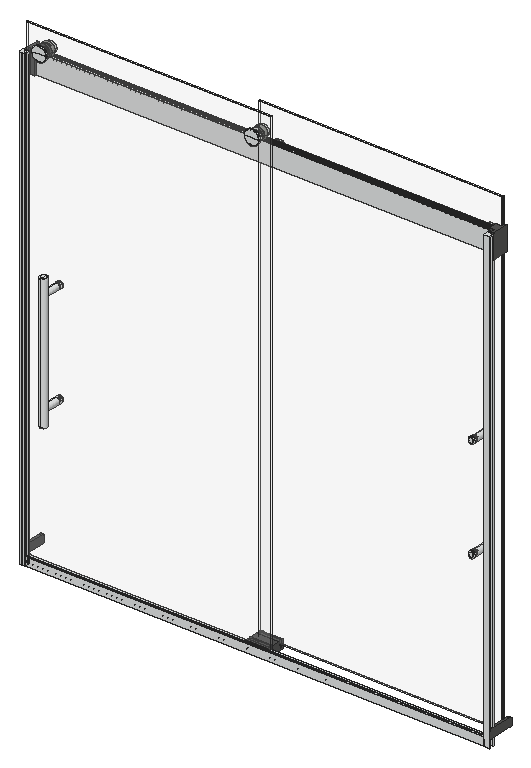
Revit family "Shower-Shower_Door-KOHLER-Levity_Plus-K-702419_1", category Specialty Equipment, host Face, Revit 2022
Family settings
  Host = Face
  Round Connector Dimension = Use Diameter
  Part Type = Normal
  OmniClass Number = 23.31.17.17
  OmniClass Title = Shower Enclosures
  Cut with Voids When Loaded = No
  Maintain Annotation Orientation = No
  Shared = No
  Room Calculation Point = No
Parameters (values of type "SHP-Bright Polished Silver")
  Width [instance] = Walk Thru + 199/256" + 31 81/256"  # 59.65281"
  WaterSense Certified = 1 = 0  # no
  Walk Thru [instance] = 27.55906"
  URL = "https://www.us.kohler.com/us/"
  Type = 1
  Product Page URL = "http://www.us.kohler.com/us/catalog/productDetails.jsp?productId=702419-L"
  Product Name = "Levity Plus"  # constant formula
  Product Documentation Link = "https://www.us.kohler.com/webassets/kpna/catalog/pdf/en/K-702419-L_spec_US-CA_Kohler_en.pdf"
  Model = if(Type = 1, "K-702419-L-SHP", if(Type = 2, "K-702419-L-BNK", if(Type = 3, "K-702419-L-BL", if(Type = 4, "K-702419-L-2MB", "NA"))))  # "K-702419-L-SHP"
  Material = "Premium Metal Construction"  # constant formula
  Master Format 2014 Name = "Shower Doors"  # constant formula
  Master Format 2014 = "10 28 19.16"  # constant formula
  Manufacturer Address = "444 Highland Dr, Kohler, WI 53044"  # constant formula
  Manufacturer = "KOHLER Co."  # constant formula
  Length = 6 119/128"  # constant formula
  Height = 61 147/256"  # constant formula
  Finish = Kohler-Metal-SHP-Bright_Polished_Silver
  Environmental Product Declaration = ""
  Description = "5/16 BATH DOOR 62 X 59 5/8 HANDLE"  # constant formula
  Default Elevation = 4"
  Declare Label = ""
  Date Modified = "03/11/2022"  # constant formula
  Date Created = "03/11/2022"  # constant formula
  Copyright = "Copyright KOHLER Co."  # constant formula
  Contact Us = "https://www.us.kohler.com/us/static/contact.jsp"
  Assembly Code = "C1030200"
  ADA Compliant = 1 = 0  # no
Reference planes (in)
  plane 1 "Center (Front/Back)": y = 0
  plane 2: z = 0
  plane 3 "Center (Left/Right)": x = 0
  plane 4: x = 27.55906
  plane 5: x = 28.3362
  plane 6: x = 27.99574
  plane 7: x = 26.01984
  plane 8: z = 61.57422
  plane 9: z = 58.11024
  plane 10: z = 55.55118
  plane 11: z = 58.7811
  plane 12: x = -1.99865
  plane 13: x = -28.99865
  plane 14: x = -27.24865
  plane 15: z = 34.72441
  plane 16: z = 17.71654
  plane 17: z = 19.6983
  plane 18: z = 32.6983
  plane 19: x = 24.26984
  plane 20: x = -31.3166
  plane 21: x = -0.98122
  plane 22: y = 4.34261
  plane 23: y = 4.34261
  plane 24: y = 3.91774
  plane 25: y = -0.5592
  plane 26: y = -2.58708
Dimensions and locks (in)
  "Walk Thru": plane 4 to plane 3 "Center (Left/Right)"
  "Width": plane 20 to plane 5
  locked: plane 6 to plane 5 at 0.34046
  locked: plane 4 to plane 5 at 0.77715
  locked: plane 7 to plane 5 at 2.31636
  locked: plane 19 to plane 5 at 4.06636
  plane 16 to level = 17.71654"
  plane 15 to plane 16 = 17.00787"
  "Height": plane 8 to level
  "Length": plane 23 to plane 26
  plane 10 to level = 55.55118"
  aligned and locked: plane 2 to host face
  aligned and locked: level to host face
  aligned and locked: plane 3 "Center (Left/Right)" to nested 1
  aligned and locked: plane 4 to nested 1
Automatic sketch dimensions
  host sketch curve to host sketch curve = 96"  (x2)
Nested families (in)
  nested 1: "K-702419" at (0, -0.5592, 0), type "K-702419"
Definition of nested family "K-702419"
  Parameters (values of type "K-702419")
    Width = Walk Thru + 0.77559" + 31.31496"  # 59.64961"
    Walk Thru = 27.55906"
    Material = none
    Default Elevation = 0"
  Reference planes (in)
    plane 1 "Center (Front/Back)": y = 0
    plane 2: z = 0
    plane 3 "Center (Left/Right)": x = 0
    plane 4: z = 61.5748
    plane 5: z = 17.71654
    plane 6: z = 34.72441
    plane 7: x = -31.3134
    plane 8: x = 27.55906
    plane 9: x = 28.3362
    plane 10 "E": x = 24.26984
    plane 11 "B": x = -27.24865
    plane 12: z = 55.55118
    plane 13: z = 58.11024
    plane 14 "A": z = 58.7811
    plane 15: x = -28.99865
    plane 16: x = -1.99865
    plane 17: y = -2.02733
    plane 18: y = 4.9018
    plane 19: z = 19.6983
    plane 20: z = 32.6983
    plane 21: y = -1.5837
    plane 22: y = 4.47693
    plane 23 "C": x = 26.01984
    plane 24 "X": z = 56.63127
    plane 25 "D": x = -0.98076
    plane 26: x = 27.99574
  Forms (in)
    Extrusion 1, solid
      sketch origin (0, 0, 0) x (1, 0, 0) y (0, 1, 0)
        loop
          line (-31.3134, 2.37158) -> (-31.3134, 0.38563)
          arc (-31.3134, 0.38563) -> (-31.30418, 0.36336) -> (-31.28191, 0.35413) r 0.0315
          line (-31.28191, 0.35413) -> (-31.02523, 0.35413)
          arc (-31.02523, 0.35413) -> (-31.00295, 0.36336) -> (-30.99373, 0.38563) r 0.0315
          line (-30.99373, 0.38563) -> (-30.99373, 0.85734)
          arc (-30.99373, 0.85734) -> (-30.9845, 0.87961) -> (-30.96223, 0.88884) r 0.0315
          line (-30.96223, 0.88884) -> (-30.36006, 0.88884)
          arc (-30.36006, 0.88884) -> (-30.33857, 0.89774) -> (-30.32966, 0.91923) r 0.03039
          line (-30.32966, 0.91923) -> (-30.32966, 2.02115) -> (-30.99701, 2.02858) -> (-30.99701, 2.37088)
          arc (-30.99701, 2.37088) -> (-31.00624, 2.39315) -> (-31.02851, 2.40237) r 0.0315
          line (-31.02851, 2.40237) -> (-31.28261, 2.40237)
          arc (-31.28261, 2.40237) -> (-31.30439, 2.39336) -> (-31.3134, 2.37158) r 0.03079
      from 55.35616 to 58.33005
    Extrusion 2, solid, material <- "Material", detail levels medium+fine
      sketch origin (0, 0, 0) x (1, 0, 0) y (0, 1, 0)
        loop
          line (-30.99165, 0.20982) -> (-30.99165, -0.20982) -> (-30.79705, -0.20982) -> (-30.79705, -0.27247) -> (-31.25589, -0.27247) -> (-31.25589, -0.30702) -> (-30.6559, -0.32797)
          arc (-30.6559, -0.32797) -> (-30.58047, -0.29901) -> (-30.5489, -0.22464) r 0.10339
          line (-30.5489, -0.22464) -> (-30.5489, 0.22464)
          arc (-30.5489, 0.22464) -> (-30.58047, 0.29901) -> (-30.6559, 0.32797) r 0.10339
          line (-30.6559, 0.32797) -> (-31.25589, 0.30702) -> (-31.25589, 0.27247) -> (-30.79705, 0.27247) -> (-30.79705, 0.20982) -> (-30.99165, 0.20982)
        loop
          line (-31.3134, 0.20982) -> (-31.12433, 0.20982) -> (-31.12433, 0) -> (-31.12433, -0.20982) -> (-31.3134, -0.20982) -> (-31.3134, -0.25253) -> (-31.08302, -0.25253) -> (-31.08302, 0) -> (-31.08302, 0.25253) -> (-31.3134, 0.25253) -> (-31.3134, 0.20982)
      from 0.08036 to 58.29324
    Extrusion 3, solid, material <- "Material", detail levels medium+fine
      sketch origin (0, 0, 0) x (1, 0, 0) y (0, 1, 0)
        loop
          line (-30.6559, 0.32797) -> (-31.25589, 0.30702) -> (-31.25589, 0.25253) -> (-31.3134, 0.25253) -> (-31.3134, -0.25253) -> (-31.25589, -0.25253) -> (-31.25589, -0.30702) -> (-30.6559, -0.32797)
          arc (-30.6559, -0.32797) -> (-30.58047, -0.29901) -> (-30.5489, -0.22464) r 0.10339
          line (-30.5489, -0.22464) -> (-30.5489, 0.22464)
          arc (-30.5489, 0.22464) -> (-30.58047, 0.29901) -> (-30.6559, 0.32797) r 0.10339
      from 58.36655 to 58.29324
    Extrusion 4, solid
      sketch origin (0, 0, 0) x (0, 1, 0) y (0, 0, 1)
        loop
          line (2.917, 2.13263) -> (-0.20982, 2.13263) -> (-0.20982, 1.05663) -> (2.93672, 1.05663)
          arc (2.93672, 1.05663) -> (3.10579, 1.12666) -> (3.17581, 1.29573) r 0.23909
          line (3.17581, 1.29573) -> (3.17581, 1.87382)
          arc (3.17581, 1.87382) -> (3.10001, 2.05683) -> (2.917, 2.13263) r 0.25882
      from -30.99165 to -31.3134
    Extrusion 5, solid, material <- "Material"
      sketch origin (0, 0, 0) x (0, 1, 0) y (0, 0, 1)
        loop
          arc (0, 0.33997) -> (0.03474, 0.38326) -> (0.08453, 0.35871) r 0.04434
          line (0.08453, 0.35871) -> (0.11423, 0.29502)
          arc (0.11423, 0.29502) -> (0.14686, 0.27839) -> (0.17089, 0.30603) r 0.02975
          line (0.17089, 0.30603) -> (0.20017, 0.86474)
          arc (0.20017, 0.86474) -> (0.19197, 0.88698) -> (0.17019, 0.89634) r 0.03002
          line (0.17019, 0.89634) -> (0.02343, 0.89634)
          arc (0.02343, 0.89634) -> (-0.02199, 0.94176) -> (0.02343, 0.98718) r 0.04542
          line (0.02343, 0.98718) -> (0.19567, 0.98718)
          arc (0.19567, 0.98718) -> (0.19347, 1.02749) -> (0.15814, 1.04703) r 0.04169
          line (0.15814, 1.04703) -> (-0.19878, 1.04703) -> (-0.19878, 0) -> (0.49474, 0) -> (0.49474, 0.07959) -> (0.14319, 0.07959)
          arc (0.14319, 0.07959) -> (0.04194, 0.12153) -> (0, 0.22278) r 0.14319
          line (0, 0.22278) -> (0, 0.33997)
        loop
          line (0.53901, 0.96058) -> (0.10163, 0.96058)
          arc (0.10163, 0.96058) -> (0.08163, 0.94058) -> (0.10163, 0.92059) r 0.01999
          line (0.10163, 0.92059) -> (0.53901, 0.92059)
          arc (0.53901, 0.92059) -> (0.559, 0.94058) -> (0.53901, 0.96058) r 0.01999
      from -30.99165 to 27.55906
    Revolve 6, solid, material <- "Material", detail levels medium+fine
      sketch origin (27, 0, 58.7811) x (0, -1, 0) y (1, 0, 0)
        loop
          line (0.14044, -28.99865) -> (-1.79905, -28.99865) -> (-1.79905, -29.69269) -> (-1.43263, -29.69269) -> (-1.43263, -29.74488)
          arc (-1.43263, -29.74488) -> (-1.24562, -29.80339) -> (-1.05861, -29.74488) r 0.32812
          line (-1.05861, -29.74488) -> (-1.05861, -29.53477) -> (-0.92215, -29.53477) -> (-0.92215, -29.73162) -> (-0.7253, -29.73162) -> (-0.7253, -29.46245) -> (-0.36761, -29.46245) -> (-0.36761, -29.6593) -> (-0.06827, -29.6593) -> (-0.06827, -29.89414) -> (-0.02811, -29.93431) -> (0.09751, -29.93431) -> (0.14044, -29.89138) -> (0.14044, -28.99865)
        axis (0.14044, -28.99865) -> (-1.79905, -28.99865)
      angle from 0 to 360
    Revolve 7, solid, material <- "Material", detail levels medium+fine
      sketch origin (0, 0, 58.7811) x (0, -1, 0) y (1, 0, 0)
        loop
          line (0.14044, -28.99865) -> (-1.79905, -28.99865) -> (-1.79905, -29.69269) -> (-1.43263, -29.69269) -> (-1.43263, -29.74488)
          arc (-1.43263, -29.74488) -> (-1.24562, -29.80339) -> (-1.05861, -29.74488) r 0.32812
          line (-1.05861, -29.74488) -> (-1.05861, -29.53477) -> (-0.92215, -29.53477) -> (-0.92215, -29.73162) -> (-0.7253, -29.73162) -> (-0.7253, -29.46245) -> (-0.36761, -29.46245) -> (-0.36761, -29.6593) -> (-0.06827, -29.6593) -> (-0.06827, -29.89414) -> (-0.02811, -29.93431) -> (0.09751, -29.93431) -> (0.14044, -29.89138) -> (0.14044, -28.99865)
        axis (0.14044, -28.99865) -> (-1.79905, -28.99865)
      angle from 0 to 360
    Extrusion 8, solid, material <- "Material", detail levels medium+fine
      sketch origin (0, 0, 0) x (0, 1, 0) y (0, 0, 1)
        loop
          line (0.97838, 58.11024) -> (0.97838, 55.55118) -> (1.85747, 55.55118)
          arc (1.85747, 55.55118) -> (1.9, 55.5688) -> (1.91761, 55.61132) r 0.06014
          line (1.91761, 55.61132) -> (1.91761, 55.8826)
          arc (1.91761, 55.8826) -> (1.89894, 55.93897) -> (1.85029, 55.97303) r 0.0944
          line (1.85029, 55.97303) -> (1.85029, 55.89596) -> (1.65621, 55.79963) -> (1.38912, 55.92464) -> (1.38912, 57.53182)
          arc (1.38912, 57.53182) -> (1.41101, 57.58465) -> (1.46384, 57.60654) r 0.07472
          line (1.46384, 57.60654) -> (1.84605, 57.60654) -> (1.84605, 57.43287) -> (1.8957, 57.43287)
          arc (1.8957, 57.43287) -> (1.91735, 57.44184) -> (1.92632, 57.46349) r 0.03062
          line (1.92632, 57.46349) -> (1.92632, 58.05604)
          arc (1.92632, 58.05604) -> (1.91044, 58.09436) -> (1.87212, 58.11024) r 0.0542
          line (1.87212, 58.11024) -> (1.69975, 58.11024) -> (1.69975, 58.0262) -> (1.81407, 58.0262)
          arc (1.81407, 58.0262) -> (1.84489, 58.01343) -> (1.85765, 57.98261) r 0.04358
          line (1.85765, 57.98261) -> (1.85765, 57.82935) -> (1.31287, 57.82935) -> (1.31287, 57.89797) -> (1.44737, 57.95785) -> (1.44737, 58.00188)
          arc (1.44737, 58.00188) -> (1.43926, 58.01681) -> (1.42231, 58.01815) r 0.01781
          line (1.42231, 58.01815) -> (1.24538, 57.93937) -> (1.04592, 58.02818) -> (1.04592, 58.09041)
          arc (1.04592, 58.09041) -> (1.04011, 58.10443) -> (1.02609, 58.11024) r 0.01983
          line (1.02609, 58.11024) -> (0.97838, 58.11024)
      from -30.58824 to 27.55906
    Extrusion 9, solid
      sketch origin (0, 0, 58.7811) x (0, -1, 0) y (1, 0, 0)
        loop
          line (-0.7253, -0.06152) -> (-0.7253, -30.93579)
          arc (-0.7253, -30.93579) -> (-0.5693, -30.99187) -> (-0.4133, -30.93579) r 0.24502
          line (-0.4133, -30.93579) -> (-0.4133, -0.06152)
          arc (-0.4133, -0.06152) -> (-0.5693, 0.00135) -> (-0.7253, -0.06152) r 0.225
      from 2.7937 to -58.06096
    Extrusion 10, solid
      sketch origin (0, 0, 0) x (0, 1, 0) y (0, 0, 1)
        loop
          line (2.79395, 0) -> (2.73913, 1.04611)
          arc (2.73913, 1.04611) -> (2.73201, 1.06155) -> (2.71622, 1.06785) r 0.02294
          line (2.71622, 1.06785) -> (2.58256, 1.06785)
          arc (2.58256, 1.06785) -> (2.56781, 1.06181) -> (2.56152, 1.04717) r 0.02105
          line (2.56152, 1.04717) -> (2.54725, 0.22974)
          arc (2.54725, 0.22974) -> (2.52045, 0.16735) -> (2.45761, 0.14164) r 0.08966
          line (2.45761, 0.14164) -> (2.27292, 0.14164)
          arc (2.27292, 0.14164) -> (2.21358, 0.16532) -> (2.18684, 0.22333) r 0.0862
          line (2.18684, 0.22333) -> (2.14487, 1.02412)
          arc (2.14487, 1.02412) -> (2.13055, 1.05518) -> (2.09879, 1.06785) r 0.04614
          line (2.09879, 1.06785) -> (1.06637, 1.06785)
          arc (1.06637, 1.06785) -> (1.03461, 1.05518) -> (1.02029, 1.02412) r 0.04614
          line (1.02029, 1.02412) -> (0.97833, 0.22333)
          arc (0.97833, 0.22333) -> (0.95158, 0.16532) -> (0.89225, 0.14164) r 0.0862
          line (0.89225, 0.14164) -> (0.70755, 0.14164)
          arc (0.70755, 0.14164) -> (0.64471, 0.16735) -> (0.61791, 0.22974) r 0.08966
          line (0.61791, 0.22974) -> (0.60364, 1.04717)
          arc (0.60364, 1.04717) -> (0.59735, 1.06181) -> (0.5826, 1.06785) r 0.02105
          line (0.5826, 1.06785) -> (0.30693, 1.06785) -> (0.30693, 0.16201) -> (0.47604, 0.16201)
          arc (0.47604, 0.16201) -> (0.50033, 0.15195) -> (0.51039, 0.12766) r 0.03435
          line (0.51039, 0.12766) -> (0.51039, 0.08994)
          arc (0.51039, 0.08994) -> (0.52098, 0.06032) -> (0.54793, 0.04411) r 0.04675
          arc (0.54793, 0.04411) -> (0.76846, 0.01105) -> (0.99117, 0) r 2.24921
          line (0.99117, 0) -> (2.79395, 0)
      from -3.12027 to -0.34077
    Revolve 11, solid, material <- "Material"
      sketch origin (-27.24865, 0, -13) x (0, 1, 0) y (0, 0, 1)
        loop
          line (0.4133, 33.0733) -> (-1.4097, 33.0733) -> (-1.4097, 32.6983) -> (1.02083, 32.6983) -> (1.02083, 33.06515)
          arc (1.02083, 33.06515) -> (1.01123, 33.08831) -> (0.98807, 33.0979) r 0.03275
          line (0.98807, 33.0979) -> (0.79735, 33.0979)
          arc (0.79735, 33.0979) -> (0.7725, 33.08761) -> (0.76221, 33.06276) r 0.03514
          line (0.76221, 33.06276) -> (0.76221, 32.9483) -> (0.4133, 32.9483) -> (0.4133, 33.0733)
        axis (1.02083, 32.6983) -> (-1.4097, 32.6983)
      angle from 0 to 360
    Revolve 12, solid, material <- "Material", detail levels medium+fine
      sketch origin (-27.24865, 0, 0) x (0, 1, 0) y (0, 0, 1)
        loop
          line (-1.5837, 34.72441) -> (-1.9722, 34.72441) -> (-2.02733, 34.66927) -> (-2.02733, 17.76647) -> (-1.9774, 17.71654) -> (-1.5837, 17.71654) -> (-1.5837, 34.72441)
        axis (-1.5837, 17.71654) -> (-1.5837, 34.72441)
      angle from 0 to 360
    Revolve 13, solid, material <- "Material"
      sketch origin (-0.98076, 0, 0) x (0, 0, -1) y (0, -1, 0)
        loop
          line (-57.57086, -2.99093) -> (-57.53008, -3.03171) -> (-56.63127, -3.03171) -> (-56.63127, -1.91129) -> (-57.36736, -1.91129) -> (-57.36736, -2.16793) -> (-57.23745, -2.16793) -> (-57.23745, -2.52933) -> (-57.29546, -2.52933) -> (-57.29546, -2.82297) -> (-57.52921, -2.82297) -> (-57.57086, -2.86461) -> (-57.57086, -2.99093)
        axis (-56.63127, -1.91129) -> (-56.63127, -3.03171)
      angle from 0 to 360
    Revolve 14, solid, material <- "Material"
      sketch origin (26.01984, 0, 0) x (0, 0, -1) y (0, -1, 0)
        loop
          line (-57.57086, -2.99093) -> (-57.53008, -3.03171) -> (-56.63127, -3.03171) -> (-56.63127, -1.91129) -> (-57.36736, -1.91129) -> (-57.36736, -2.16793) -> (-57.23745, -2.16793) -> (-57.23745, -2.52933) -> (-57.29546, -2.52933) -> (-57.29546, -2.82297) -> (-57.52921, -2.82297) -> (-57.57086, -2.86461) -> (-57.57086, -2.99093)
        axis (-56.63127, -1.91129) -> (-56.63127, -3.03171)
      angle from 0 to 360
    Revolve 15, solid, material <- "Material", detail levels medium+fine
      sketch origin (24.26984, -0.02461, 0) x (0, 0, 1) y (0, -1, 0)
        loop
          line (33.0733, -2.50574) -> (32.9483, -2.50574) -> (32.9483, -2.15684) -> (33.06276, -2.15684)
          arc (33.06276, -2.15684) -> (33.08761, -2.14654) -> (33.0979, -2.1217) r 0.03514
          line (33.0979, -2.1217) -> (33.0979, -1.93098)
          arc (33.0979, -1.93098) -> (33.08831, -1.90781) -> (33.06515, -1.89822) r 0.03275
          line (33.06515, -1.89822) -> (32.6983, -1.89822) -> (32.6983, -4.50988) -> (33.0733, -4.50988) -> (33.0733, -2.50574)
        axis (32.6983, -1.89822) -> (32.6983, -4.50988)
      angle from 0 to 360
    Revolve 16, solid, material <- "Material", detail levels medium+fine
      sketch origin (24.26984, -0.02461, -13) x (0, 0, 1) y (0, -1, 0)
        loop
          line (33.0733, -2.50454) -> (32.9483, -2.50454) -> (32.9483, -2.15684) -> (33.06276, -2.15684)
          arc (33.06276, -2.15684) -> (33.08761, -2.14654) -> (33.0979, -2.1217) r 0.03514
          line (33.0979, -2.1217) -> (33.0979, -1.93098)
          arc (33.0979, -1.93098) -> (33.08831, -1.90781) -> (33.06515, -1.89822) r 0.03275
          line (33.06515, -1.89822) -> (32.6983, -1.89822) -> (32.6983, -4.50988) -> (33.0733, -4.50988) -> (33.0733, -2.50454)
        axis (32.6983, -1.89822) -> (32.6983, -4.50988)
      angle from 0 to 360
    Revolve 17, solid, material <- "Material", detail levels medium+fine
      sketch origin (24.26984, 0, 0) x (0, 0, 1) y (0, -1, 0)
        loop
          line (34.72441, -4.47693) -> (17.71654, -4.47693) -> (17.71654, -4.87063) -> (17.7477, -4.9018) -> (34.68804, -4.9018) -> (34.72441, -4.86543) -> (34.72441, -4.47693)
        axis (17.71654, -4.47693) -> (34.72441, -4.47693)
      angle from 0 to 360
    Extrusion 18, solid
      sketch origin (0, 0, 58.7811) x (0, -1, 0) y (1, 0, 0)
        loop
          line (-2.40428, 28.3362) -> (-2.40428, 28.13475)
          arc (-2.40428, 28.13475) -> (-2.37444, 28.06271) -> (-2.30241, 28.03287) r 0.10187
          line (-2.30241, 28.03287) -> (-2.09932, 28.03287)
          arc (-2.09932, 28.03287) -> (-2.03657, 28.00688) -> (-2.01058, 27.94413) r 0.08874
          line (-2.01058, 27.94413) -> (-2.01058, 27.40796)
          arc (-2.01058, 27.40796) -> (-1.99255, 27.36441) -> (-1.949, 27.34638) r 0.06158
          line (-1.949, 27.34638) -> (-0.96774, 27.34638)
          arc (-0.96774, 27.34638) -> (-0.9202, 27.36607) -> (-0.90051, 27.41361) r 0.06723
          line (-0.90051, 27.41361) -> (-0.90051, 27.92353)
          arc (-0.90051, 27.92353) -> (-0.8829, 27.96605) -> (-0.84038, 27.98366) r 0.06013
          line (-0.84038, 27.98366) -> (-0.37453, 27.98366)
          arc (-0.37453, 27.98366) -> (-0.34132, 27.99741) -> (-0.32756, 28.03062) r 0.04697
          line (-0.32756, 28.03062) -> (-0.32756, 28.3362) -> (-2.40428, 28.3362)
      from -0.4295 to -3.42639
    Extrusion 19, solid
      sketch origin (0, 0, 0) x (0, 1, 0) y (0, 0, -1)
        loop
          arc (2.917, -2.13263) -> (3.10001, -2.05683) -> (3.17581, -1.87382) r 0.25882
          line (3.17581, -1.87382) -> (3.17581, -1.29573)
          arc (3.17581, -1.29573) -> (3.10579, -1.12666) -> (2.93672, -1.05663) r 0.23909
          line (2.93672, -1.05663) -> (-0.23901, -1.05663) -> (-0.23901, -2.13263) -> (2.917, -2.13263)
      from -27.99574 to -28.3362
    Extrusion 20, solid, material <- "Material"
      sketch origin (0, 0, 58.7811) x (0, -1, 0) y (1, 0, 0)
        loop
          line (-0.32756, 27.55906) -> (0.31775, 27.55906) -> (0.31775, 28.3362) -> (0.23901, 28.3362) -> (0.23901, 27.6378) -> (-0.24882, 27.6378) -> (-0.24882, 28.3362) -> (-0.32756, 28.3362) -> (-0.32756, 27.55906)
      from -58.70152 to -0.5382
    Extrusion 21, solid, material <- "Material"
      sketch origin (0, 0, 0) x (1, 0, 0) y (0, 1, 0)
        loop
          line (28.3362, 0.32756) -> (27.55906, 0.32756) -> (27.55906, -0.31775) -> (28.3362, -0.31775) -> (28.3362, 0.32756)
      from 58.2429 to 58.11024
    Extrusion 22, solid
      sketch origin (0, 0, 58.7811) x (0, -1, 0) y (1, 0, 0)
        loop
          arc (-2.47993, -2.9173) -> (-2.32393, -2.98016) -> (-2.16793, -2.9173) r 0.225
          line (-2.16793, -2.9173) -> (-2.16793, 27.9485)
          arc (-2.16793, 27.9485) -> (-2.18177, 27.9819) -> (-2.21518, 27.99574) r 0.04724
          line (-2.21518, 27.99574) -> (-2.43259, 27.99574)
          arc (-2.43259, 27.99574) -> (-2.46607, 27.98187) -> (-2.47993, 27.94839) r 0.04735
          line (-2.47993, 27.94839) -> (-2.47993, -2.9173)
      from -58.07652 to 2.7937
    Revolve 23, solid, material <- "Material"
      sketch origin (-27.24865, 0, 0) x (0, 1, 0) y (0, 0, 1)
        loop
          line (0.4133, 33.0733) -> (-1.4097, 33.0733) -> (-1.4097, 32.6983) -> (1.02083, 32.6983) -> (1.02083, 33.06515)
          arc (1.02083, 33.06515) -> (1.01123, 33.08831) -> (0.98807, 33.0979) r 0.03275
          line (0.98807, 33.0979) -> (0.79735, 33.0979)
          arc (0.79735, 33.0979) -> (0.7725, 33.08761) -> (0.76221, 33.06276) r 0.03514
          line (0.76221, 33.06276) -> (0.76221, 32.9483) -> (0.4133, 32.9483) -> (0.4133, 33.0733)
        axis (1.02083, 32.6983) -> (-1.4097, 32.6983)
      angle from 0 to 360
    Extrusion 24, solid, material <- "Material", detail levels coarse
      sketch origin (0, 0, 58.7811) x (0, -1, 0) y (1, 0, 0)
        loop
          line (-0.32797, -30.5489) -> (-0.32797, -31.3134) -> (0.32797, -31.3134) -> (0.32797, -30.5489) -> (-0.32797, -30.5489)
      from -58.7811 to -0.45105
    Revolve 25, solid, material <- "Material", detail levels coarse
      sketch origin (0, 0, 58.7811) x (0, -1, 0) y (1, 0, 0)
        loop
          line (0.14044, -28.99865) -> (-1.79905, -28.99865) -> (-1.79905, -29.69269) -> (-1.43263, -29.69269) -> (-1.43263, -29.74488) -> (-1.05861, -29.74488) -> (-1.05861, -29.53477) -> (-0.92215, -29.53477) -> (-0.92215, -29.73162) -> (-0.7253, -29.73162) -> (-0.7253, -29.6593) -> (-0.06827, -29.6593) -> (-0.06827, -29.93431) -> (0.14044, -29.93431) -> (0.14044, -28.99865)
        axis (-1.79905, -28.99865) -> (0.14044, -28.99865)
      angle from 0 to 360
    Revolve 26, solid, material <- "Material", detail levels coarse
      sketch origin (27, 0, 58.7811) x (0, -1, 0) y (1, 0, 0)
        loop
          line (0.14044, -28.99865) -> (-1.79905, -28.99865) -> (-1.79905, -29.69269) -> (-1.43263, -29.69269) -> (-1.43263, -29.74488) -> (-1.05861, -29.74488) -> (-1.05861, -29.53477) -> (-0.92215, -29.53477) -> (-0.92215, -29.73162) -> (-0.7253, -29.73162) -> (-0.7253, -29.6593) -> (-0.06827, -29.6593) -> (-0.06827, -29.93431) -> (0.14044, -29.93431) -> (0.14044, -28.99865)
        axis (-1.79905, -28.99865) -> (0.14044, -28.99865)
      angle from 0 to 360
    Extrusion 27, solid, material <- "Material", detail levels coarse
      sketch origin (0, 0, 0) x (1, 0, 0) y (0, 0, 1)
        loop
          circle (-27.24865, 32.6983) r 0.3937
        loop
          circle (-27.24865, 19.6983) r 0.3937
      from -1.02039 to 1.5837
    Extrusion 28, solid, material <- "Material", detail levels coarse
      sketch origin (0, 0, 58.7811) x (0, -1, 0) y (1, 0, 0)
        loop
          circle (1.5837, -27.24865) r 0.44363
      from -24.05669 to -41.06457
    Revolve 29, solid, material <- "Material", detail levels coarse
      sketch origin (24.26984, 0, 0) x (0, 0, 1) y (0, -1, 0)
        loop
          line (32.6983, -1.87284) -> (32.6983, -4.47693) -> (33.0733, -4.47693) -> (33.0733, -1.87284) -> (32.6983, -1.87284)
        axis (32.6983, -1.87284) -> (32.6983, -4.47693)
      angle from 0 to 360
    Revolve 30, solid, material <- "Material", detail levels coarse
      sketch origin (24.26984, 0, 0) x (0, 0, 1) y (0, -1, 0)
        loop
          line (19.6983, -1.87284) -> (19.6983, -4.47693) -> (20.0733, -4.47693) -> (20.0733, -1.87284) -> (19.6983, -1.87284)
        axis (19.6983, -1.87284) -> (19.6983, -4.47693)
      angle from 0 to 360
    Extrusion 31, solid, material <- "Material", detail levels coarse
      sketch origin (0, 0, 0) x (0, 1, 0) y (0, 0, 1)
        loop
          line (0.97838, 58.11024) -> (0.97838, 55.55118) -> (1.92632, 55.55118) -> (1.92632, 58.11024) -> (0.97838, 58.11024)
      from -30.5489 to 27.55906
    Revolve 32, solid, material <- "Material", detail levels coarse
      sketch origin (24.26984, 0, 0) x (0, 0, 1) y (0, -1, 0)
        loop
          line (34.72441, -4.9018) -> (34.72441, -4.47693) -> (17.71654, -4.47693) -> (17.71654, -4.9018) -> (34.72441, -4.9018)
        axis (17.71654, -4.47693) -> (34.72441, -4.47693)
      angle from 0 to 360
  Cuts and joins
    joined: Extrusion 2, Extrusion 3
    joined: Extrusion 20, Extrusion 21
  Lines and regions (in)
    Masking region 1
      outline origin (26.01984, 0, 0) x (0, 0, -1) y (0, -1, 0)
        loop
          line (-61.5748, -0.4133) -> (-61.5748, -0.7253) -> (-59.51407, -0.7253) -> (-59.51407, -0.92215) -> (-59.31722, -0.92215) -> (-59.31722, -1.05861) -> (-59.52733, -1.05861)
          arc (-59.52733, -1.05861) -> (-59.58927, -1.24562) -> (-59.52733, -1.43263) r 0.31327
          line (-59.52733, -1.43263) -> (-59.47514, -1.43263) -> (-59.47514, -1.79905) -> (-58.33005, -1.79905) -> (-58.33005, -2.16793) -> (-61.5748, -2.16793) -> (-61.5748, -2.47993) -> (-57.2375, -2.47993) -> (-57.2375, -2.52933) -> (-57.29546, -2.52933) -> (-57.29546, -2.82297) -> (-57.52921, -2.82297) -> (-57.57086, -2.86461) -> (-57.57086, -2.99093) -> (-57.53008, -3.03171) -> (-55.73246, -3.03171) -> (-55.69168, -2.99093) -> (-55.69168, -2.86461) -> (-55.73333, -2.82297) -> (-55.96708, -2.82297) -> (-55.96708, -2.52933) -> (-56.02504, -2.52933) -> (-56.02504, -2.47993) -> (-33.0733, -2.47993) -> (-33.0733, -4.05206) -> (-34.68804, -4.05206) -> (-34.72441, -4.08843) -> (-34.72441, -4.86543) -> (-34.68804, -4.9018) -> (-17.7477, -4.9018) -> (-17.71654, -4.87063) -> (-17.71654, -4.08323) -> (-17.7477, -4.05206) -> (-19.3233, -4.05206) -> (-19.3233, -2.47993) -> (-2.13263, -2.47993) -> (-2.13263, -2.917)
          arc (-2.13263, -2.917) -> (-2.05683, -3.10001) -> (-1.87382, -3.17581) r 0.25882
          line (-1.87382, -3.17581) -> (-1.29573, -3.17581)
          arc (-1.29573, -3.17581) -> (-1.12666, -3.10579) -> (-1.05663, -2.93672) r 0.23909
          line (-1.05663, -2.93672) -> (-1.05663, -2.73858) -> (0, -2.79395) -> (0, -0.99117)
          arc (0, -0.99117) -> (-0.01105, -0.76846) -> (-0.04411, -0.54793) r 2.24921
          arc (-0.04411, -0.54793) -> (-0.06032, -0.52098) -> (-0.08994, -0.51039) r 0.04675
          line (-0.08994, -0.51039) -> (-0.12766, -0.51039)
          arc (-0.12766, -0.51039) -> (-0.15195, -0.50033) -> (-0.16201, -0.47604) r 0.03435
          line (-0.16201, -0.47604) -> (-0.16201, -0.32756) -> (-0.07959, -0.32756) -> (-0.07959, -0.49474) -> (0, -0.49474) -> (0, 0.19878) -> (-0.08036, 0.19878) -> (-0.08036, 0.32803) -> (-19.3233, 0.32803) -> (-19.3233, 1.14006) -> (-17.76647, 1.14006) -> (-17.71654, 1.19) -> (-17.71654, 1.9774) -> (-17.76647, 2.02733) -> (-34.66927, 2.02733) -> (-34.72441, 1.9722) -> (-34.72441, 1.1952) -> (-34.66927, 1.14006) -> (-33.0733, 1.14006) -> (-33.0733, 0.32803) -> (-58.36655, 0.32803) -> (-58.36655, 0.14044) -> (-59.67383, 0.14044) -> (-59.7168, 0.09747) -> (-59.7168, -0.02728) -> (-59.67581, -0.06827) -> (-59.44175, -0.06827) -> (-59.44175, -0.36761) -> (-59.2449, -0.36761) -> (-59.2449, -0.4133) -> (-61.5748, -0.4133)
        loop
          line (-1.05663, -0.7253) -> (-1.05663, -1.03622)
          arc (-1.05663, -1.03622) -> (-1.04201, -1.02494) -> (-1.02412, -1.02029) r 0.04614
          line (-1.02412, -1.02029) -> (-0.22333, -0.97833)
          arc (-0.22333, -0.97833) -> (-0.16532, -0.95158) -> (-0.14164, -0.89225) r 0.0862
          line (-0.14164, -0.89225) -> (-0.14164, -0.70755)
          arc (-0.14164, -0.70755) -> (-0.16735, -0.64471) -> (-0.22974, -0.61791) r 0.08966
          line (-0.22974, -0.61791) -> (-0.72015, -0.60935) -> (-0.72015, -0.7253) -> (-1.05663, -0.7253)
        loop
          line (-20.0733, 0.32803) -> (-20.0733, 1.14006) -> (-32.3233, 1.14006) -> (-32.3233, 0.32803) -> (-20.0733, 0.32803)
        loop
          arc (-0.22974, -2.54725) -> (-0.16735, -2.52045) -> (-0.14164, -2.45761) r 0.08966
          line (-0.14164, -2.45761) -> (-0.14164, -2.27292)
          arc (-0.14164, -2.27292) -> (-0.16532, -2.21358) -> (-0.22333, -2.18684) r 0.0862
          line (-0.22333, -2.18684) -> (-0.70459, -2.16162) -> (-0.70459, -2.47993) -> (-1.05663, -2.47993) -> (-1.05663, -2.56169) -> (-0.22974, -2.54725)
        loop
          line (-2.13263, -0.7253) -> (-19.4488, -0.7253) -> (-19.4488, -0.76221) -> (-19.33322, -0.76221)
          arc (-19.33322, -0.76221) -> (-19.30919, -0.77217) -> (-19.29923, -0.7962) r 0.03399
          line (-19.29923, -0.7962) -> (-19.29923, -0.98906)
          arc (-19.29923, -0.98906) -> (-19.30841, -1.01121) -> (-19.33056, -1.02039) r 0.03133
          line (-19.33056, -1.02039) -> (-19.6983, -1.02039) -> (-20.06604, -1.02039)
          arc (-20.06604, -1.02039) -> (-20.08819, -1.01121) -> (-20.09737, -0.98906) r 0.03133
          line (-20.09737, -0.98906) -> (-20.09737, -0.7962)
          arc (-20.09737, -0.7962) -> (-20.08741, -0.77217) -> (-20.06338, -0.76221) r 0.03399
          line (-20.06338, -0.76221) -> (-19.9478, -0.76221) -> (-19.9478, -0.7253) -> (-32.4488, -0.7253) -> (-32.4488, -0.76221) -> (-32.33322, -0.76221)
          arc (-32.33322, -0.76221) -> (-32.30919, -0.77217) -> (-32.29923, -0.7962) r 0.03399
          line (-32.29923, -0.7962) -> (-32.29923, -0.98906)
          arc (-32.29923, -0.98906) -> (-32.30841, -1.01121) -> (-32.33056, -1.02039) r 0.03133
          line (-32.33056, -1.02039) -> (-32.6983, -1.02039) -> (-33.06604, -1.02039)
          arc (-33.06604, -1.02039) -> (-33.08819, -1.01121) -> (-33.09737, -0.98906) r 0.03133
          line (-33.09737, -0.98906) -> (-33.09737, -0.7962)
          arc (-33.09737, -0.7962) -> (-33.08741, -0.77217) -> (-33.06338, -0.76221) r 0.03399
          line (-33.06338, -0.76221) -> (-32.9478, -0.76221) -> (-32.9478, -0.7253) -> (-55.35616, -0.7253) -> (-55.35616, -2.16793) -> (-32.9478, -2.16793) -> (-32.9478, -2.13102) -> (-33.06338, -2.13102)
          arc (-33.06338, -2.13102) -> (-33.08741, -2.12107) -> (-33.09737, -2.09704) r 0.03399
          line (-33.09737, -2.09704) -> (-33.09737, -1.90418)
          arc (-33.09737, -1.90418) -> (-33.08819, -1.88202) -> (-33.06604, -1.87284) r 0.03133
          line (-33.06604, -1.87284) -> (-32.6983, -1.87284) -> (-32.33056, -1.87284)
          arc (-32.33056, -1.87284) -> (-32.30841, -1.88202) -> (-32.29923, -1.90418) r 0.03133
          line (-32.29923, -1.90418) -> (-32.29923, -2.09704)
          arc (-32.29923, -2.09704) -> (-32.30919, -2.12107) -> (-32.33322, -2.13102) r 0.03399
          line (-32.33322, -2.13102) -> (-32.4488, -2.13102) -> (-32.4488, -2.16793) -> (-19.9478, -2.16793) -> (-19.9478, -2.13102) -> (-20.06338, -2.13102)
          arc (-20.06338, -2.13102) -> (-20.08741, -2.12107) -> (-20.09737, -2.09704) r 0.03399
          line (-20.09737, -2.09704) -> (-20.09737, -1.90418)
          arc (-20.09737, -1.90418) -> (-20.08819, -1.88202) -> (-20.06604, -1.87284) r 0.03133
          line (-20.06604, -1.87284) -> (-19.6983, -1.87284) -> (-19.33056, -1.87284)
          arc (-19.33056, -1.87284) -> (-19.30841, -1.88202) -> (-19.29923, -1.90418) r 0.03133
          line (-19.29923, -1.90418) -> (-19.29923, -2.09704)
          arc (-19.29923, -2.09704) -> (-19.30919, -2.12107) -> (-19.33322, -2.13102) r 0.03399
          line (-19.33322, -2.13102) -> (-19.4488, -2.13102) -> (-19.4488, -2.16793) -> (-2.13263, -2.16793) -> (-2.13263, -0.7253)
        loop
          line (-20.0733, -0.4133) -> (-20.0733, -0.32756) -> (-32.3233, -0.32756) -> (-32.3233, -0.4133) -> (-20.0733, -0.4133)
        loop
          line (-55.35616, -0.32756) -> (-55.35616, -0.4133) -> (-33.0733, -0.4133) -> (-33.0733, -0.32756) -> (-55.35616, -0.32756)
        loop
          line (-19.3233, -0.4133) -> (-2.13263, -0.4133) -> (-2.13263, -0.32756) -> (-19.3233, -0.32756) -> (-19.3233, -0.4133)
        loop
          line (-20.0733, -4.05206) -> (-20.0733, -2.47993) -> (-32.3233, -2.47993) -> (-32.3233, -4.05206) -> (-20.0733, -4.05206)
    Masking region 2
      outline origin (0, 0, 0) x (1, 0, 0) y (0, 0, 1)
        loop
          line (-30.99192, 61.5748) -> (-30.99192, 58.36655) -> (-31.3134, 58.36655) -> (-31.3134, 0.08036) -> (-30.99165, 0.08036) -> (-30.99165, 0) -> (27.55906, 0) -> (27.55906, 0.07959) -> (28.3362, 0.07959) -> (28.3362, 58.35161) -> (27.99574, 58.35161) -> (27.99574, 61.5748) -> (-30.99192, 61.5748)
    Masking region 3
      outline origin (0, 0, 58.7811) x (0, -1, 0) y (1, 0, 0)
        loop
          line (-3.17581, -31.3134) -> (0.31775, -31.3134) -> (0.31775, -30.53626) -> (0.19878, -30.53626) -> (0.19878, -27.62342) -> (1.34628, -27.62342)
          arc (1.34628, -27.62342) -> (2.02733, -27.24865) -> (1.34628, -26.87389) r 0.44363
          line (1.34628, -26.87389) -> (0.19878, -26.87389) -> (0.19878, 27.55906) -> (0.31775, 27.55906) -> (0.31775, 28.3362) -> (-3.17581, 28.3362) -> (-3.17581, 27.99574) -> (-2.02713, 27.99574)
          arc (-2.02713, 27.99574) -> (-2.01482, 27.97123) -> (-2.01058, 27.94413) r 0.08874
          line (-2.01058, 27.94413) -> (-2.01058, 27.40796)
          arc (-2.01058, 27.40796) -> (-1.98368, 27.35707) -> (-1.92648, 27.35065) r 0.06158
          line (-1.92648, 27.35065) -> (-1.92648, -0.34077) -> (-2.79395, -0.34077) -> (-2.79395, -3.12027) -> (-1.92648, -3.12027) -> (-1.92648, -30.32966) -> (-2.02115, -30.32966) -> (-2.02852, -30.99165) -> (-3.17581, -30.99165) -> (-3.17581, -31.3134)
        loop
          line (-0.88884, -30.36006) -> (-0.88884, -30.96198)
          arc (-0.88884, -30.96198) -> (-0.88008, -30.98312) -> (-0.85894, -30.99187) r 0.0299
          line (-0.85894, -30.99187) -> (-0.5693, -30.99187)
          arc (-0.5693, -30.99187) -> (-0.65219, -30.97743) -> (-0.7253, -30.93579) r 0.24502
          line (-0.7253, -30.93579) -> (-0.7253, -29.73162) -> (-0.92215, -29.73162) -> (-0.92215, -29.53477) -> (-0.97838, -29.53477) -> (-0.97838, -30.32966) -> (-0.91923, -30.32966)
          arc (-0.91923, -30.32966) -> (-0.89774, -30.33857) -> (-0.88884, -30.36006) r 0.03039
        loop
          line (-0.7253, -28.26569) -> (-0.7253, -27.49865) -> (-0.76221, -27.49865) -> (-0.76221, -27.61099)
          arc (-0.76221, -27.61099) -> (-0.7732, -27.63752) -> (-0.79973, -27.64851) r 0.03752
          line (-0.79973, -27.64851) -> (-0.97838, -27.64851) -> (-0.97838, -28.46254) -> (-0.92215, -28.46254) -> (-0.92215, -28.26569) -> (-0.7253, -28.26569)
        loop
          line (-0.97838, -3.12027) -> (-0.97838, -26.8488) -> (-0.79973, -26.8488)
          arc (-0.79973, -26.8488) -> (-0.7732, -26.85979) -> (-0.76221, -26.88632) r 0.03752
          line (-0.76221, -26.88632) -> (-0.76221, -26.99865) -> (-0.7253, -26.99865) -> (-0.7253, -3.12027) -> (-0.97838, -3.12027)
        loop
          line (-0.97838, 27.34722) -> (-0.97838, -0.34077) -> (-0.7253, -0.34077) -> (-0.7253, -0.06152)
          arc (-0.7253, -0.06152) -> (-0.64869, -0.01312) -> (-0.5592, 0.00112) r 0.225
          line (-0.5592, 0.00112) -> (-0.5592, 27.55906) -> (-0.32756, 27.55906) -> (-0.32756, 28.03062)
          arc (-0.32756, 28.03062) -> (-0.34132, 27.99741) -> (-0.37453, 27.98366) r 0.04697
          line (-0.37453, 27.98366) -> (-0.84038, 27.98366)
          arc (-0.84038, 27.98366) -> (-0.8829, 27.96605) -> (-0.90051, 27.92353) r 0.06013
          line (-0.90051, 27.92353) -> (-0.90051, 27.41361)
          arc (-0.90051, 27.41361) -> (-0.92412, 27.36245) -> (-0.97838, 27.34722) r 0.06723
    Masking region 4
      outline origin (0, 0, 58.7811) x (0, -1, 0) y (1, 0, 0)
        loop
          line (-3.03171, -1.87956) -> (-2.99102, -1.92025) -> (-2.86452, -1.92025) -> (-2.82297, -1.8787) -> (-2.82297, -1.64495) -> (-2.52933, -1.64495) -> (-2.52933, -1.58693) -> (-2.47993, -1.58693) -> (-2.47993, -2.9173)
          arc (-2.47993, -2.9173) -> (-2.32393, -2.98016) -> (-2.16793, -2.9173) r 0.225
          line (-2.16793, -2.9173) -> (-2.16793, -1.71685) -> (-1.92667, -1.71685) -> (-1.92667, -0.98076) -> (-1.92667, -0.24467) -> (-2.16793, -0.24467) -> (-2.16793, 24.01984) -> (-2.13223, 24.01984) -> (-2.13223, 23.90187)
          arc (-2.13223, 23.90187) -> (-2.12318, 23.88001) -> (-2.10132, 23.87095) r 0.03091
          line (-2.10132, 23.87095) -> (-1.92738, 23.87095) -> (-1.92738, 24.26984) -> (-1.92738, 24.66873) -> (-2.10132, 24.66873)
          arc (-2.10132, 24.66873) -> (-2.12318, 24.65967) -> (-2.13223, 24.63782) r 0.03091
          line (-2.13223, 24.63782) -> (-2.13223, 24.51984) -> (-2.16793, 24.51984) -> (-2.16793, 25.28375) -> (-1.92738, 25.28375) -> (-1.92738, 26.75593) -> (-2.16793, 26.75593) -> (-2.16793, 27.95289)
          arc (-2.16793, 27.95289) -> (-2.18048, 27.98319) -> (-2.21078, 27.99574) r 0.04285
          line (-2.21078, 27.99574) -> (-2.43136, 27.99574)
          arc (-2.43136, 27.99574) -> (-2.46571, 27.98151) -> (-2.47993, 27.94717) r 0.04857
          line (-2.47993, 27.94717) -> (-2.47993, 26.62602) -> (-2.52933, 26.62602) -> (-2.52933, 26.68403) -> (-2.82297, 26.68403) -> (-2.82297, 26.91778) -> (-2.86527, 26.96009) -> (-2.99027, 26.96009) -> (-3.03171, 26.91865) -> (-3.03171, 26.01984) -> (-3.03171, 25.12103) -> (-2.99027, 25.07959) -> (-2.86527, 25.07959) -> (-2.82297, 25.1219) -> (-2.82297, 25.35565) -> (-2.52933, 25.35565) -> (-2.52933, 25.41366) -> (-2.47993, 25.41366) -> (-2.47993, 24.64438) -> (-4.27635, 24.64438)
          arc (-4.27635, 24.64438) -> (-4.69522, 24.63435) -> (-4.9018, 24.26984) r 0.42487
          arc (-4.9018, 24.26984) -> (-4.69522, 23.90533) -> (-4.27635, 23.8953) r 0.42487
          line (-4.27635, 23.8953) -> (-2.47993, 23.8953) -> (-2.47993, -0.37458) -> (-2.52933, -0.37458) -> (-2.52933, -0.31656) -> (-2.82297, -0.31656) -> (-2.82297, -0.08281) -> (-2.86452, -0.04126) -> (-2.99102, -0.04126) -> (-3.03171, -0.08195) -> (-3.03171, -0.98076) -> (-3.03171, -1.87956)
    symbolic lines, detail levels medium+fine
      curve 1: line (26.01984, 1.79905, 58.33005) -> (26.01984, 0.4133, 58.33005)
      curve 2: line (26.01984, 1.43263, 59.47514) -> (26.01984, 1.43263, 58.33005)
      curve 3: line (26.01984, 1.05861, 59.31722) -> (26.01984, 1.05861, 58.33005)
      curve 4: line (26.01984, 0.92215, 59.31722) -> (26.01984, 0.92215, 58.33005)
      curve 5: line (26.01984, 0.7253, 59.51407) -> (26.01984, 0.7253, 58.33005)
      curve 6: line (26.01984, 0.4133, 59.2449) -> (26.01984, 0.4133, 58.33005)
      curve 7: line (26.01984, 0.36761, 59.2449) -> (26.01984, 0.36761, 58.33005)
      curve 8: line (26.01984, -0.20325, 58.36655) -> (26.01984, 0.32756, 58.36655)
      curve 9: line (26.01984, 0.06827, 59.44175) -> (26.01984, 0.06827, 58.36655)
      curve 10: line (26.01984, -0.09747, 59.7168) -> (26.01984, -0.09747, 58.36655)
      curve 11: line (26.01984, 0.02728, 59.7168) -> (26.01984, 0.02728, 58.36655)
      curve 12: line (26.01984, 2.16793, 55.35616) -> (26.01984, 2.40237, 55.35616)
      curve 13: line (26.01984, 2.40237, 55.35616) -> (26.01984, 2.40237, 58.33005)
      curve 14: line (26.01984, 2.82297, 55.96708) -> (26.01984, 2.82297, 57.29546)
      curve 15: line (26.01984, 2.52933, 56.02509) -> (26.01984, 2.52933, 57.2375)
      curve 16: line (26.01984, 2.47993, 57.2375) -> (26.01984, 2.47993, 56.02504)
      curve 17: line (26.01984, 2.86461, 55.69168) -> (26.01984, 2.86461, 57.57086)
      curve 18: line (26.01984, 2.99093, 57.57086) -> (26.01984, 2.99093, 55.69168)
      curve 19: line (26.01984, 2.16793, 58.33005) -> (26.01984, 2.40237, 58.33005)
      curve 20: line (26.01984, 0.7253, 55.35616) -> (26.01984, 0.4133, 55.35616)
      curve 21: line (26.01984, 0.32756, 55.35616) -> (26.01984, 0.32756, 58.36655)
      curve 22: line (26.01984, 0.4133, 58.33005) -> (26.01984, 0.35413, 58.33005)
      curve 23: line (26.01984, 0.35413, 58.33005) -> (26.01984, 0.35413, 55.35616)
      curve 24: line (26.01984, -0.20982, 58.29324) -> (26.01984, -0.20982, 0.08036)
      curve 25: line (26.01984, 0.27247, 58.29324) -> (26.01984, -0.27247, 58.29324)
      curve 26: line (26.01984, 0.20982, 0.08036) -> (26.01984, 0.20982, 58.29324)
      curve 27: line (26.01984, 0.27247, 0.08036) -> (26.01984, 0.27247, 58.29324)
      curve 28: line (26.01984, -0.27247, 58.29324) -> (26.01984, -0.27247, 0.08036)
      curve 29: line (26.01984, -0.32803, 33.0733) -> (26.01984, -0.32803, 32.3233)
      curve 30: line (26.01984, 0.76221, 32.9478) -> (26.01984, 0.76221, 32.4488)
      curve 31: line (26.01984, 0.7253, 32.9478) -> (26.01984, 0.7253, 32.4488)
      curve 32: line (26.01984, 0.4133, 32.3233) -> (26.01984, 0.4133, 33.0733)
      curve 33: line (26.01984, 0.32756, 32.3233) -> (26.01984, 0.32756, 33.0733)
      curve 34: arc (26.01984, -1.14006, 33.0733) -> (26.01984, -1.31919, 32.6983) -> (26.01984, -1.14006, 32.3233) r 0.4821
      curve 35: line (26.01984, 0.76221, 19.4488) -> (26.01984, 0.76221, 19.9478)
      curve 36: line (26.01984, 0.7253, 19.9478) -> (26.01984, 0.7253, 19.4488)
      curve 37: line (26.01984, 0.4133, 20.0733) -> (26.01984, 0.4133, 19.3233)
      curve 38: line (26.01984, 0.32756, 20.0733) -> (26.01984, 0.32756, 19.3233)
      curve 39: line (26.01984, -0.32803, 20.0733) -> (26.01984, -0.32803, 19.3233)
      curve 40: arc (26.01984, -1.14006, 20.0733) -> (26.01984, -1.30786, 19.6983) -> (26.01984, -1.14006, 19.3233) r 0.50293
      curve 41: line (26.01984, -1.14006, 17.76647) -> (26.01984, -2.02733, 17.76647)
      curve 42: line (26.01984, -1.14006, 34.66927) -> (26.01984, -2.02733, 34.66927)
      curve 43: line (26.01984, 2.16793, 32.9478) -> (26.01984, 2.16793, 32.4488)
      curve 44: line (26.01984, 2.47993, 33.0733) -> (26.01984, 2.47993, 32.3233)
      curve 45: line (26.01984, 2.13102, 32.9478) -> (26.01984, 2.13102, 32.4488)
      curve 46: line (26.01984, 4.9018, 34.68804) -> (26.01984, 4.05206, 34.68804)
      curve 47: arc (26.01984, 4.05206, 32.3233) -> (26.01984, 4.22777, 32.6983) -> (26.01984, 4.05206, 33.0733) r 0.48802
      curve 48: line (26.01984, 2.47993, 19.3233) -> (26.01984, 2.47993, 20.0733)
      curve 49: line (26.01984, 2.16793, 19.4488) -> (26.01984, 2.16793, 19.9478)
      curve 50: line (26.01984, 2.13223, 19.9483) -> (26.01984, 2.13223, 19.4483)
      curve 51: line (26.01984, 4.9018, 17.7477) -> (26.01984, 4.05206, 17.7477)
      curve 52: arc (26.01984, 4.05206, 19.3233) -> (26.01984, 4.23212, 19.6983) -> (26.01984, 4.05206, 20.0733) r 0.48053
      curve 53: line (26.01984, 2.73858, 1.05663) -> (26.01984, 2.56169, 1.05663)
      curve 54: line (26.01984, 2.47993, 1.05663) -> (26.01984, 1.03622, 1.05663)
      curve 55: line (26.01984, 2.16793, 0.70459) -> (26.01984, 2.16793, 1.05663)
      curve 56: line (26.01984, 0.60935, 0.72015) -> (26.01984, 0.4133, 0.72015)
      curve 57: line (26.01984, 0.4133, 0.72015) -> (26.01984, 0.4133, 1.05663)
      curve 58: line (26.01984, -0.20982, 0.08036) -> (26.01984, 0.32803, 0.08036)
      curve 59: line (26.01984, 2.47993, 2.13263) -> (26.01984, 2.16793, 2.13263)
      curve 60: line (26.01984, 0.7253, 2.13263) -> (26.01984, 0.4133, 2.13263)
      curve 61: line (26.01984, 0.32756, 2.13263) -> (26.01984, 0.27247, 2.13263)
      curve 62: line (26.01984, 0.7253, 1.05663) -> (26.01984, 0.27247, 1.05663)
      curve 63: line (26.01984, 0.30693, 1.05663) -> (26.01984, 0.30693, 0.08036)
      curve 64: line (-30.99192, 0, 58.36655) -> (-30.5489, 0, 58.36655)
      curve 65: line (-30.5489, 0, 58.36655) -> (-30.5489, 0, 0.08036)
      curve 66: line (-30.99165, 0, 0.08036) -> (-30.5489, 0, 0.08036)
      curve 67: line (-30.5489, 0, 1.04703) -> (27.55906, 0, 1.04703)
      curve 68: circle (-28.99865, 0, 58.7811) r 0.93903 normal (0, -1, 0)
      curve 69: circle (-28.99865, 0, 58.7811) r 0.89273 normal (0, -1, 0)
      curve 70: circle (-1.99865, 0, 58.7811) r 0.93903 normal (0, -1, 0)
      curve 71: circle (-1.99865, 0, 58.7811) r 0.89273 normal (0, -1, 0)
      curve 72: line (-27.24865, 0, 34.66927) -> (-27.69301, 0, 34.66927)
      curve 73: line (-27.69301, 0, 34.66927) -> (-27.63787, 0, 34.72441)
      curve 74: line (-27.69301, 0, 34.66927) -> (-27.69301, 0, 17.76694)
      curve 75: line (-27.69301, 0, 17.76694) -> (-27.6426, 0, 17.71654)
      curve 76: line (-27.6426, 0, 17.71654) -> (-27.24865, 0, 17.71654)
      curve 77: line (-27.69301, 0, 17.76694) -> (-27.24865, 0, 17.76694)
      curve 78: line (-27.63787, 0, 34.72441) -> (-27.24865, 0, 34.72441)
      curve 79: line (-27.24865, 0, 34.66927) -> (-26.8043, 0, 34.66927)
      curve 80: line (-26.8043, 0, 34.66927) -> (-26.85944, 0, 34.72441)
      curve 81: line (-26.8043, 0, 34.66927) -> (-26.8043, 0, 17.76694)
      curve 82: line (-26.8043, 0, 17.76694) -> (-26.85471, 0, 17.71654)
      curve 83: line (-26.85471, 0, 17.71654) -> (-27.24865, 0, 17.71654)
      curve 84: line (-26.8043, 0, 17.76694) -> (-27.24865, 0, 17.76694)
      curve 85: line (-26.85944, 0, 34.72441) -> (-27.24865, 0, 34.72441)
      curve 86: line (0, 0, 61.5748) -> (0, 0, 0)
      curve 87: line (27.99574, 0, 58.35161) -> (27.34638, 0, 58.35161)
      curve 88: line (27.34638, 0, 58.35161) -> (27.34638, 0, 55.35471)
      curve 89: line (27.34638, 0, 55.35471) -> (27.55906, 0, 55.35471)
      curve 90: line (27.55906, 0, 58.2429) -> (27.55906, 0, 0.07959)
      curve 91: line (27.55906, 0, 58.2429) -> (28.3362, 0, 58.2429)
      curve 92: line (0, 0, 58.11024) -> (27.34638, 0, 58.11024)
      curve 93: line (0, 0, 55.55118) -> (27.34638, 0, 55.55118)
      curve 94: circle (24.26984, 0, 32.6983) r 0.3937 normal (0, -1, 0)
      curve 95: circle (24.26984, 0, 19.6983) r 0.3937 normal (0, -1, 0)
      curve 96: line (-30.32966, 0.97838, 58.7811) -> (-30.32966, 1.92648, 58.7811)
      curve 97: line (-31.28261, 2.40237, 58.7811) -> (-31.02851, 2.40237, 58.7811)
      curve 98: arc (-31.31306, 2.37617, 58.7811) -> (-31.3027, 2.39492, 58.7811) -> (-31.28261, 2.40237, 58.7811) r 0.03079
      curve 99: arc (-31.02851, 2.40237, 58.7811) -> (-31.00611, 2.39539, 58.7811) -> (-30.99165, 2.37691, 58.7811) r 0.0394
      curve 100: line (-30.53626, 0.35413, 58.7811) -> (-31.3134, 0.35413, 58.7811)
      curve 101: arc (-30.99187, 0.38146, 58.7811) -> (-31.00367, 0.36184, 58.7811) -> (-31.02523, 0.35413, 58.7811) r 0.03402
      curve 102: line (-30.99187, 0.5693, 58.7811) -> (-30.99187, 0.38146, 58.7811)
      curve 103: line (-30.53626, -0.19878, 58.7811) -> (-30.53626, 0.35413, 58.7811)
      curve 104: line (-0.06152, 0.4133, 58.7811) -> (-30.93579, 0.4133, 58.7811)
      curve 105: arc (-30.93579, 0.4133, 58.7811) -> (-30.97743, 0.48642, 58.7811) -> (-30.99187, 0.5693, 58.7811) r 0.24502
      curve 106: line (-28.30462, 1.79905, 58.7811) -> (-29.69269, 1.79905, 58.7811)
      curve 107: line (-29.69269, 1.79905, 58.7811) -> (-29.69269, 1.43263, 58.7811)
      curve 108: line (-29.69269, 1.43263, 58.7811) -> (-29.74488, 1.43263, 58.7811)
      curve 109: line (-29.74488, 1.05861, 58.7811) -> (-29.53477, 1.05861, 58.7811)
      curve 110: arc (-29.74488, 1.05861, 58.7811) -> (-29.80642, 1.24562, 58.7811) -> (-29.74488, 1.43263, 58.7811) r 0.31489
      curve 111: line (-29.53477, 1.05861, 58.7811) -> (-29.53477, 0.97838, 58.7811)
      curve 112: line (-28.30462, 1.79905, 58.7811) -> (-28.30462, 1.43263, 58.7811)
      curve 113: line (-28.30462, 1.43263, 58.7811) -> (-28.25243, 1.43263, 58.7811)
      curve 114: line (-28.25243, 1.05861, 58.7811) -> (-28.46254, 1.05861, 58.7811)
      curve 115: arc (-28.25243, 1.05861, 58.7811) -> (-28.19089, 1.24562, 58.7811) -> (-28.25243, 1.43263, 58.7811) r 0.31489
      curve 116: line (-28.46254, 1.05861, 58.7811) -> (-28.46254, 0.97838, 58.7811)
      curve 117: line (-28.99865, -0.14044, 58.7811) -> (-29.89138, -0.14044, 58.7811)
      curve 118: line (-29.93431, -0.09751, 58.7811) -> (-29.93431, 0.02811, 58.7811)
      curve 119: line (-29.89414, 0.06827, 58.7811) -> (-29.6593, 0.06827, 58.7811)
      curve 120: line (-29.6593, 0.06827, 58.7811) -> (-29.6593, 0.36761, 58.7811)
      curve 121: line (-29.6593, 0.36761, 58.7811) -> (-29.46245, 0.36761, 58.7811)
      curve 122: line (-29.46245, 0.36761, 58.7811) -> (-29.46245, 0.4133, 58.7811)
      curve 123: line (-29.89138, -0.14044, 58.7811) -> (-29.93431, -0.09751, 58.7811)
      curve 124: line (-29.93431, 0.02811, 58.7811) -> (-29.89414, 0.06827, 58.7811)
      curve 125: line (-28.99865, -0.14044, 58.7811) -> (-28.10593, -0.14044, 58.7811)
      curve 126: line (-28.063, -0.09751, 58.7811) -> (-28.063, 0.02811, 58.7811)
      curve 127: line (-28.10317, 0.06827, 58.7811) -> (-28.338, 0.06827, 58.7811)
      curve 128: line (-28.338, 0.06827, 58.7811) -> (-28.338, 0.36761, 58.7811)
      curve 129: line (-28.338, 0.36761, 58.7811) -> (-28.53485, 0.36761, 58.7811)
      curve 130: line (-28.53485, 0.36761, 58.7811) -> (-28.53485, 0.4133, 58.7811)
      curve 131: line (-28.10593, -0.14044, 58.7811) -> (-28.063, -0.09751, 58.7811)
      curve 132: line (-28.063, 0.02811, 58.7811) -> (-28.10317, 0.06827, 58.7811)
      curve 133: line (-29.69269, 1.43263, 58.7811) -> (-28.30462, 1.43263, 58.7811)
      curve 134: line (-29.53477, 1.05861, 58.7811) -> (-28.46254, 1.05861, 58.7811)
      curve 135: line (-29.53477, 0.92215, 58.7811) -> (-28.46254, 0.92215, 58.7811)
      curve 136: line (-29.73162, 0.7253, 58.7811) -> (-28.26569, 0.7253, 58.7811)
      curve 137: line (-29.46245, 0.36761, 58.7811) -> (-28.53485, 0.36761, 58.7811)
      curve 138: line (-29.6593, 0.06827, 58.7811) -> (-28.338, 0.06827, 58.7811)
      curve 139: line (-29.93431, 0.02811, 58.7811) -> (-28.063, 0.02811, 58.7811)
      curve 140: line (-29.93431, -0.09751, 58.7811) -> (-28.063, -0.09751, 58.7811)
      curve 141: line (-27.64851, 0.97838, 58.7811) -> (-26.8488, 0.97838, 58.7811)
      curve 142: line (-27.49865, 0.7253, 58.7811) -> (-26.99865, 0.7253, 58.7811)
      curve 143: line (-27.49865, 0.76221, 58.7811) -> (-26.99865, 0.76221, 58.7811)
      curve 144: line (-27.62342, -0.19878, 58.7811) -> (-27.62342, 0.4133, 58.7811)
      curve 145: line (-26.87389, -0.19878, 58.7811) -> (-26.87389, 0.4133, 58.7811)
      curve 146: line (27.34983, 1.69975, 58.7811) -> (-1.30462, 1.69975, 58.7811)
      curve 147: line (-30.32966, 1.24538, 58.7811) -> (-29.80642, 1.24538, 58.7811)
      curve 148: line (-30.32966, 1.44737, 58.7811) -> (-29.69269, 1.44737, 58.7811)
      curve 149: line (-30.32966, 1.04592, 58.7811) -> (-29.53477, 1.04592, 58.7811)
      curve 150: line (-29.69269, 1.69975, 58.7811) -> (-30.32966, 1.69975, 58.7811)
      curve 151: line (-28.30462, 1.44737, 58.7811) -> (-2.69269, 1.44737, 58.7811)
      curve 152: line (-28.19089, 1.24538, 58.7811) -> (-2.80642, 1.24538, 58.7811)
      curve 153: line (-28.46254, 1.04592, 58.7811) -> (-2.53477, 1.04592, 58.7811)
      curve 154: arc (-27.62342, -1.34628, 58.7811) -> (-27.24865, -1.14006, 58.7811) -> (-26.87389, -1.34628, 58.7811) r 0.44363
      curve 155: circle (-27.24865, -1.5837, 58.7811) r 0.3885 normal (0, 0, 1)
      curve 156: line (-30.53626, 0.18164, 58.7811) -> (-29.6593, 0.18164, 58.7811)
      curve 157: line (-27.62342, 0.18164, 58.7811) -> (-28.338, 0.18164, 58.7811)
      curve 158: line (-26.87389, 0.18164, 58.7811) -> (-2.6593, 0.18164, 58.7811)
      curve 159: line (-1.30462, 1.79905, 58.7811) -> (-2.69269, 1.79905, 58.7811)
      curve 160: line (-2.69269, 1.79905, 58.7811) -> (-2.69269, 1.43263, 58.7811)
      curve 161: line (-2.69269, 1.43263, 58.7811) -> (-2.74488, 1.43263, 58.7811)
      curve 162: line (-2.74488, 1.05861, 58.7811) -> (-2.53477, 1.05861, 58.7811)
      curve 163: arc (-2.74488, 1.05861, 58.7811) -> (-2.80642, 1.24562, 58.7811) -> (-2.74488, 1.43263, 58.7811) r 0.31489
      curve 164: line (-2.53477, 1.05861, 58.7811) -> (-2.53477, 0.92215, 58.7811)
      curve 165: line (-1.30462, 1.79905, 58.7811) -> (-1.30462, 1.43263, 58.7811)
      curve 166: line (-1.30462, 1.43263, 58.7811) -> (-1.25243, 1.43263, 58.7811)
      curve 167: line (-1.25243, 1.05861, 58.7811) -> (-1.46254, 1.05861, 58.7811)
      curve 168: arc (-1.25243, 1.05861, 58.7811) -> (-1.19089, 1.24562, 58.7811) -> (-1.25243, 1.43263, 58.7811) r 0.31489
      curve 169: line (-1.46254, 1.05861, 58.7811) -> (-1.46254, 0.92215, 58.7811)
      curve 170: line (-1.99865, -0.14044, 58.7811) -> (-2.89138, -0.14044, 58.7811)
      curve 171: line (-2.93431, -0.09751, 58.7811) -> (-2.93431, 0.02811, 58.7811)
      curve 172: line (-2.89414, 0.06827, 58.7811) -> (-2.6593, 0.06827, 58.7811)
      curve 173: line (-2.6593, 0.06827, 58.7811) -> (-2.6593, 0.36761, 58.7811)
      curve 174: line (-2.6593, 0.36761, 58.7811) -> (-2.46245, 0.36761, 58.7811)
      curve 175: line (-2.46245, 0.36761, 58.7811) -> (-2.46245, 0.4133, 58.7811)
      curve 176: line (-2.89138, -0.14044, 58.7811) -> (-2.93431, -0.09751, 58.7811)
      curve 177: line (-2.93431, 0.02811, 58.7811) -> (-2.89414, 0.06827, 58.7811)
      curve 178: line (-1.99865, -0.14044, 58.7811) -> (-1.10593, -0.14044, 58.7811)
      curve 179: line (-1.063, -0.09751, 58.7811) -> (-1.063, 0.02811, 58.7811)
      curve 180: line (-1.10317, 0.06827, 58.7811) -> (-1.338, 0.06827, 58.7811)
      curve 181: line (-1.338, 0.06827, 58.7811) -> (-1.338, 0.36761, 58.7811)
      curve 182: line (-1.338, 0.36761, 58.7811) -> (-1.53485, 0.36761, 58.7811)
      curve 183: line (-1.53485, 0.36761, 58.7811) -> (-1.53485, 0.4133, 58.7811)
      curve 184: line (-1.10593, -0.14044, 58.7811) -> (-1.063, -0.09751, 58.7811)
      curve 185: line (-1.063, 0.02811, 58.7811) -> (-1.10317, 0.06827, 58.7811)
      curve 186: line (-2.69269, 1.43263, 58.7811) -> (-1.30462, 1.43263, 58.7811)
      curve 187: line (-2.53477, 1.05861, 58.7811) -> (-1.46254, 1.05861, 58.7811)
      curve 188: line (-2.73162, 0.92215, 58.7811) -> (-2.53477, 0.92215, 58.7811)
      curve 189: line (-3.12027, 0.7253, 58.7811) -> (-0.34077, 0.7253, 58.7811)
      curve 190: line (-2.46245, 0.36761, 58.7811) -> (-1.53485, 0.36761, 58.7811)
      curve 191: line (-2.6593, 0.06827, 58.7811) -> (-1.338, 0.06827, 58.7811)
      curve 192: line (-2.93431, 0.02811, 58.7811) -> (-1.063, 0.02811, 58.7811)
      curve 193: line (-2.93431, -0.09751, 58.7811) -> (-1.063, -0.09751, 58.7811)
